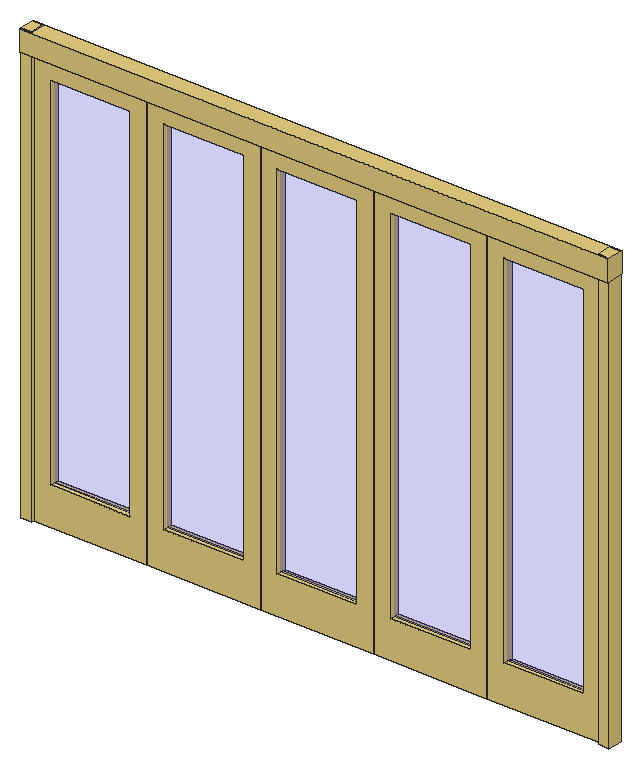
Revit family "DTI_A3-Sliding-Folding-6", category Doors, host Wall, Revit 2016
Family settings
  Host = Wall
  Always vertical = Yes
  Cut with Voids When Loaded = No
  Shared = No
  Room Calculation Point = No
Parameters (values of type "Sliding Folding 6")
  URL = "www.acdoors.co.za"
  Panel Width = (Width - 100 mm) / 5  # 540 mm
  Panel Material = Wood - Meranti
  Model = "Sliding Folding Doors"
  Manufacturer = "AC Doors"
  Height = 2090 mm
  Wall Closure = By host
  Width = 2800 mm
  Glass Material = Glass
  Function = Interior
  Frame Material = Wood - Meranti
  Assembly Code = "B2030230"
Reference planes
  plane 1 "Center": y = 0
  plane 2 "Center (Left/Right)": x = 0
  plane 3 "Left": x = -1400
  plane 4 "Right": x = 1400
  plane 5: z = 2090
  plane 6 "Exterior": y = 75
  plane 7 "Interior": y = -75
  plane 8: z = 1990
  plane 9: x = 1350
  plane 10: x = -1350
  plane 11: x = 810
  plane 12: x = 270
  plane 13: x = -270
  plane 14: x = -810
  plane 15: z = 950.321
Forms (mm)
  Sweep 1, solid, material "Wood - Meranti" <- "Frame Material"
    path origin (0, 0, 0) x (1, 0, 0) y (0, 0, 1)
      loop
        line (1400, 0) -> (1400, 2090)
    profile origin (1400, 0, 1045) x (-1, 0, 0) y (0, -1, 0)
      loop
        line (50, -34) -> (50, 34) -> (0, 34) -> (0, -34) -> (50, -34)
  Sweep 2, solid, material "Wood - Meranti" <- "Frame Material"
    path origin (0, 0, 0) x (1, 0, 0) y (0, 0, 1)
      loop
        line (-1400, 0) -> (-1400, 2090)
    profile origin (-1400, 0, 1045) x (-1, 0, 0) y (0, -1, 0)
      loop
        line (0, -34) -> (0, 34) -> (-50, 34) -> (-50, -34) -> (0, -34)
  Sweep 3, solid, material "Wood - Meranti" <- "Frame Material"
    path origin (0, 0, 0) x (1, 0, 0) y (0, 0, 1)
      loop
        line (1400, 2090) -> (-1400, 2090)
    profile origin (0, 0, 2090) x (0, 0, -1) y (0, -1, 0)
      loop
        line (0, -39) -> (100, -39) -> (100, 39) -> (0, 39) -> (0, -39)
  Extrusion 4, solid, material "Wood - Meranti" <- "Panel Material", detail levels medium+fine
    sketch origin (0, 0, 0) x (1, 0, 0) y (0, 0, 1)
      loop
        line (1350, 1990) -> (810, 1990) -> (810, 0) -> (1350, 0) -> (1350, 1990)
      loop
        line (1270, 1910) -> (890, 1910) -> (890, 180) -> (1270, 180) -> (1270, 1910)
    from -22 to 22
  Extrusion 5, solid, material "Wood - Meranti" <- "Panel Material", detail levels medium+fine
    sketch origin (-563.816, 0, -205.212) x (1, 0, 0) y (0, 0, 1)
      loop
        line (1373.816, 2195.212) -> (833.816, 2195.212) -> (833.816, 205.212) -> (1373.816, 205.212) -> (1373.816, 2195.212)
      loop
        line (1293.816, 2115.212) -> (913.816, 2115.212) -> (913.816, 385.212) -> (1293.816, 385.212) -> (1293.816, 2115.212)
    from -22 to 22
  Extrusion 6, solid, material "Wood - Meranti" <- "Panel Material", detail levels medium+fine
    sketch origin (-1105.573, 0, -205.212) x (1, 0, 0) y (0, 0, 1)
      loop
        line (1375.573, 2195.212) -> (835.573, 2195.212) -> (835.573, 205.212) -> (1375.573, 205.212) -> (1375.573, 2195.212)
      loop
        line (1295.573, 2115.212) -> (915.573, 2115.212) -> (915.573, 385.212) -> (1295.573, 385.212) -> (1295.573, 2115.212)
    from -22 to 22
  Extrusion 7, solid, material "Wood - Meranti" <- "Panel Material", detail levels medium+fine
    sketch origin (-1605.573, 0, -205.212) x (1, 0, 0) y (0, 0, 1)
      loop
        line (1335.573, 2195.212) -> (795.573, 2195.212) -> (795.573, 205.212) -> (1335.573, 205.212) -> (1335.573, 2195.212)
      loop
        line (1255.573, 2115.212) -> (875.573, 2115.212) -> (875.573, 385.212) -> (1255.573, 385.212) -> (1255.573, 2115.212)
    from -22 to 22
  Extrusion 8, solid, material "Wood - Meranti" <- "Panel Material", detail levels medium+fine
    sketch origin (-2105.573, 0, -205.212) x (1, 0, 0) y (0, 0, 1)
      loop
        line (1295.573, 2195.212) -> (755.573, 2195.212) -> (755.573, 205.212) -> (1295.573, 205.212) -> (1295.573, 2195.212)
      loop
        line (1215.573, 2115.212) -> (835.573, 2115.212) -> (835.573, 385.212) -> (1215.573, 385.212) -> (1215.573, 2115.212)
    from -22 to 22
  Extrusion 9, solid, material "Glass" <- "Glass Material", detail levels medium+fine
    sketch origin (0, 0, 0) x (1, 0, 0) y (0, 0, 1)
      loop
        line (1270, 1910) -> (890, 1910) -> (890, 180) -> (1270, 180) -> (1270, 1910)
      loop
        line (730, 1910) -> (350, 1910) -> (350, 180) -> (730, 180) -> (730, 1910)
      loop
        line (190, 1910) -> (-190, 1910) -> (-190, 180) -> (190, 180) -> (190, 1910)
      loop
        line (-350, 1910) -> (-730, 1910) -> (-730, 180) -> (-350, 180) -> (-350, 1910)
      loop
        line (-890, 180) -> (-890, 1910) -> (-1270, 1910) -> (-1270, 180) -> (-890, 180)
    from -4 to 4
Lines and regions (mm)
  Opening 1
    outline origin (-3050, -75, 0) x (1, 0, 0) y (0, 0, 1)
      loop
        line (1650, 0) -> (4450, 0) -> (4450, 2090) -> (1650, 2090) -> (1650, 0)
  symbolic lines
    curve 1: line (-1350, 22, 0) -> (-1002.895, 435.664, 0)
    curve 2: line (-1002.895, 435.664, 0) -> (-972.253, 409.952, 0)
    curve 3: line (-972.253, 409.952, 0) -> (-1319.358, -3.712, 0)
    curve 4: line (-1350, 22, 0) -> (-1319.358, -3.712, 0)
    curve 5: line (1350, 22, 0) -> (1002.895, 435.664, 0)
    curve 6: line (1002.895, 435.664, 0) -> (972.253, 409.952, 0)
    curve 7: line (972.253, 409.952, 0) -> (1319.358, -3.712, 0)
    curve 8: line (1350, 22, 0) -> (1319.358, -3.712, 0)
    curve 9: line (594.506, 22, 0) -> (941.611, 435.664, 0)
    curve 10: line (941.611, 435.664, 0) -> (972.253, 409.952, 0)
    curve 11: line (972.253, 409.952, 0) -> (625.148, -3.712, 0)
    curve 12: line (594.506, 22, 0) -> (625.148, -3.712, 0)
    curve 13: line (594.506, 22, 0) -> (247.401, 435.664, 0)
    curve 14: line (247.401, 435.664, 0) -> (216.759, 409.952, 0)
    curve 15: line (216.759, 409.952, 0) -> (563.864, -3.712, 0)
    curve 16: line (594.506, 22, 0) -> (563.864, -3.712, 0)
    curve 17: line (-160.988, 22, 0) -> (186.117, 435.664, 0)
    curve 18: line (186.117, 435.664, 0) -> (216.759, 409.952, 0)
    curve 19: line (216.759, 409.952, 0) -> (-130.347, -3.712, 0)
    curve 20: line (-160.988, 22, 0) -> (-130.347, -3.712, 0)
  symbolic lines, style "Elevation Swing"
    curve 21: line (-1350, 0, 1990) -> (-810, 0, 950)
    curve 22: line (-1350, 0, 0) -> (-810, 0, 950)
    curve 23: line (-690, 0, 950.321) -> (-530, 0, 950.321)
    curve 24: line (-530, 0, 950.321) -> (-572.426, 0, 992.747)
    curve 25: line (-530, 0, 950.321) -> (-572.426, 0, 907.894)
    curve 26: line (-150, 0, 950.321) -> (10, 0, 950.321)
    curve 27: line (10, 0, 950.321) -> (-32.426, 0, 992.747)
    curve 28: line (10, 0, 950.321) -> (-32.426, 0, 907.894)
    curve 29: line (390, 0, 950.321) -> (550, 0, 950.321)
    curve 30: line (550, 0, 950.321) -> (507.574, 0, 992.747)
    curve 31: line (550, 0, 950.321) -> (507.574, 0, 907.894)
    curve 32: line (930, 0, 950.321) -> (1090, 0, 950.321)
    curve 33: line (1090, 0, 950.321) -> (1047.574, 0, 992.747)
    curve 34: line (1090, 0, 950.321) -> (1047.574, 0, 907.894)
Text (mm)
  text "Exterior" at (-2295.016, 1099.543, 0), in view "Ref. Level"
  text "Exterior" at (0, 1615.38, 3698.081), in view "Left"
  text "Exterior" at (0, 1036.032, 3874.932), in view "Right"
Dimensions and locks
  equal spacing: plane 3 "Left", plane 2 "Center (Left/Right)", plane 4 "Right"
  "Width": plane 3 "Left" to plane 4 "Right"
  "Height": plane 5 to host wall
  locked: plane 6 "Exterior" to host wall at 0
  locked: plane 7 "Interior" to host wall
  locked: plane 8 to plane 5 at 100
  locked: plane 9 to plane 4 "Right" at 50
  locked: plane 10 to plane 3 "Left" at 50
  equal spacing: plane 10, plane 14, plane 13, plane 12, plane 11, plane 9
  equal spacing: Sweep 1 sketch curve, profile plane, Sweep 1 sketch curve
  locked: Sweep 1 sketch curve to Sweep 1 sketch curve at 68
  locked: Sweep 2 to Sweep 3 sketch curve at 5
  locked: Sweep 3 sketch curve to Sweep 2 at 5
  locked: Extrusion 4 sketch curve to Extrusion 4 sketch curve at 80  (x3)
  locked: Extrusion 4 sketch curve to Extrusion 4 sketch curve at 180
  locked: Extrusion 5 sketch curve to Extrusion 5 sketch curve at 80  (x3)
  locked: Extrusion 5 sketch curve to Extrusion 5 sketch curve at 180
  locked: Extrusion 6 sketch curve to Extrusion 6 sketch curve at 80  (x3)
  locked: Extrusion 6 sketch curve to Extrusion 6 sketch curve at 180
  locked: Extrusion 7 sketch curve to Extrusion 7 sketch curve at 80  (x3)
  locked: Extrusion 7 sketch curve to Extrusion 7 sketch curve at 180
  locked: Extrusion 8 sketch curve to Extrusion 8 sketch curve at 80  (x3)
  locked: Extrusion 8 sketch curve to Extrusion 8 sketch curve at 180
  equal spacing: Extrusion 8, plane 1 "Center", Extrusion 8
  equal spacing: Extrusion 9, plane 1 "Center", Extrusion 9
  locked: Extrusion 9 to Extrusion 9 at 8
  locked: Extrusion 8 to Extrusion 8 at 44
  "Panel Width": curve 4 to curve 2
  "Panel Width": curve 8 to curve 6
  "Panel Width": curve 12 to curve 10
  "Panel Width": curve 16 to curve 14
  "Panel Width": curve 20 to curve 18
  level to plane 15 to plane 8 = 950.321 mm, 1039.679 mm
  aligned and locked: plane 3 "Left" to Opening 1 sketch curve
  aligned and locked: plane 5 to Opening 1 sketch curve  (x2)
  aligned and locked: Opening 1 sketch curve to plane 4 "Right"
  aligned and locked: Opening 1 sketch curve to level
  aligned and locked: plane 1 "Center" to host wall
  aligned and locked: plane 5 to Sweep 1 sketch curve
  aligned and locked: level to Sweep 1 sketch curve
  aligned and locked: plane 4 "Right" to Sweep 1 sketch curve
  aligned and locked: Sweep 1 sketch curve to profile plane
  aligned and locked: Sweep 1 sketch curve to plane 9
  aligned and locked: plane 5 to Sweep 2 sketch curve
  aligned and locked: level to Sweep 2 sketch curve
  aligned and locked: plane 3 "Left" to Sweep 2 sketch curve
  aligned and locked: Sweep 1 to Sweep 2 sketch curve
  aligned and locked: Sweep 2 sketch curve to Sweep 1
  aligned and locked: Sweep 2 sketch curve to plane 10
  aligned and locked: profile plane to Sweep 2 sketch curve
  aligned and locked: plane 3 "Left" to Sweep 3 sketch curve
  aligned and locked: plane 4 "Right" to Sweep 3 sketch curve
  aligned and locked: plane 5 to Sweep 3 sketch curve
  aligned and locked: Sweep 3 sketch curve to profile plane
  aligned and locked: plane 8 to Sweep 3 sketch curve
  aligned and locked: plane 9 to Extrusion 4 sketch curve
  aligned and locked: level to Extrusion 4 sketch curve
  aligned and locked: Extrusion 4 sketch curve to plane 11
  aligned and locked: Extrusion 4 sketch curve to plane 8
  aligned and locked: Extrusion 5 sketch curve to plane 8
  aligned and locked: plane 11 to Extrusion 5 sketch curve
  aligned and locked: level to Extrusion 5 sketch curve
  aligned and locked: Extrusion 5 sketch curve to plane 12
  aligned and locked: Extrusion 6 sketch curve to plane 8
  aligned and locked: plane 12 to Extrusion 6 sketch curve
  aligned and locked: level to Extrusion 6 sketch curve
  aligned and locked: Extrusion 6 sketch curve to plane 13
  aligned and locked: Extrusion 7 sketch curve to plane 8
  aligned and locked: level to Extrusion 7 sketch curve
  aligned and locked: plane 13 to Extrusion 7 sketch curve
  aligned and locked: Extrusion 7 sketch curve to plane 14
  aligned and locked: Extrusion 8 sketch curve to plane 8
  aligned and locked: plane 14 to Extrusion 8 sketch curve
  aligned and locked: plane 10 to Extrusion 8 sketch curve
  aligned and locked: level to Extrusion 8 sketch curve
  aligned and locked: Extrusion 4 to Extrusion 9 sketch curve
  aligned and locked: Extrusion 9 sketch curve to Extrusion 4  (x3)
  aligned and locked: Extrusion 5 to Extrusion 9 sketch curve
  aligned and locked: Extrusion 9 sketch curve to Extrusion 5  (x3)
  aligned and locked: Extrusion 6 to Extrusion 9 sketch curve
  aligned and locked: Extrusion 9 sketch curve to Extrusion 6  (x3)
  aligned and locked: Extrusion 7 to Extrusion 9 sketch curve
  aligned and locked: Extrusion 9 sketch curve to Extrusion 7  (x3)
  aligned and locked: Extrusion 9 sketch curve to Extrusion 8  (x3)
  aligned and locked: Extrusion 8 to Extrusion 9 sketch curve
  aligned and locked: Extrusion 7 to Extrusion 8
  aligned and locked: Extrusion 6 to Extrusion 8
  aligned and locked: Extrusion 5 to Extrusion 8
  aligned and locked: Extrusion 4 to Extrusion 8
  aligned and locked: Extrusion 8 to Extrusion 7
  aligned and locked: Extrusion 8 to Extrusion 6
  aligned and locked: Extrusion 8 to Extrusion 5
  aligned and locked: Extrusion 8 to Extrusion 4
  aligned and locked: Extrusion 8 to curve 21
  aligned and locked: curve 21 to Extrusion 7
  aligned and locked: curve 22 to Sweep 2
Automatic sketch dimensions
  curve 1 to plane 10 = 0 mm
  curve 1 to curve 3 = 30.642 mm
  curve 4 to host wall = 22 mm
  host wall to curve 3 = 3.712 mm
  curve 5 to plane 9 = 0 mm
  curve 9 to host wall = 22 mm
  plane 11 to curve 9 = 215.494 mm
  host wall to curve 11 = 3.712 mm
  curve 9 to curve 11 = 30.642 mm
  curve 6 to curve 5 = 30.642 mm
  plane 12 to curve 15 = 53.241 mm
  plane 12 to curve 14 = 22.599 mm
  curve 17 to host wall = 22 mm
  curve 17 to plane 2 "Center (Left/Right)" = 160.988 mm
  curve 23 to plane 15 = 0 mm
  curve 26 to plane 15 = 0 mm
  curve 29 to plane 15 = 0 mm
  curve 32 to plane 15 = 0 mm
  curve 22 to level = 0 mm
  curve 21 to plane 8 = 0 mm
  curve 23 to plane 14 = 120 mm
  curve 25 to plane 15 = 42.426 mm
  curve 23 to curve 25 = 117.574 mm
  plane 15 to curve 24 = 42.426 mm
  curve 24 to curve 25 = 0 mm
  curve 26 to plane 13 = 120 mm
  curve 27 to plane 2 "Center (Left/Right)" = 32.426 mm
  curve 28 to plane 2 "Center (Left/Right)" = 32.426 mm
  plane 2 "Center (Left/Right)" to curve 28 = 10 mm
  curve 29 to plane 12 = 120 mm
  plane 15 to curve 30 = 42.426 mm
  curve 29 to curve 30 = 117.574 mm
  curve 31 to plane 15 = 42.426 mm
  curve 31 to curve 30 = 0 mm
  curve 32 to plane 11 = 120 mm
  plane 15 to curve 33 = 42.426 mm
  curve 32 to curve 33 = 117.574 mm
  curve 34 to plane 15 = 42.426 mm
  curve 34 to curve 33 = 0 mm
  curve 28 to plane 15 = 42.426 mm
  curve 22 to plane 15 = 0.321 mm
